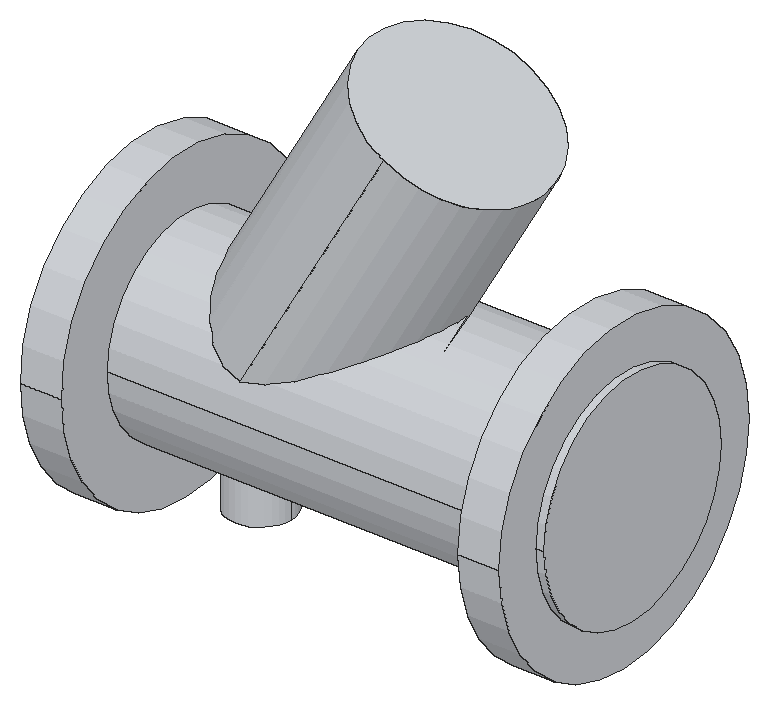
Revit family "HS 821-síto_jemné-PN16-DN100-RFA_2018", category Pipe Accessories, Revit 2018
Family settings
  Round Connector Dimension = Use Diameter
  Part Type = Breaks Into
  Work Plane-Based = No
  Always vertical = Yes
  Cut with Voids When Loaded = No
  Shared = No
Parameters (values of type "821A-DN100-PN16-síto_jemné")
  magiProductId = "c49a648c2747461285837d643703cd"
  magiProductFamilyId = "79214ac3aaa945e397802f559f5c1e"
  magiPartTypeId = 307
  isMeasuringValve [instance] = no
  ang2D [instance] = 0.00°
  ZB__ve = -ZB  # -35 mm
  ZB1 = 63.18 mm
  ZB = 35 mm
  X2 = 114.857 mm
  X1 = 49 mm
  W2D = 15 mm
  VersionID = "2.0/2017.9.26.1/ZETKAMA_821_001"
  Use Minimum Symbol Size [instance] = yes
  URL = "www.hydronix.cz"
  Type Comments = "Filtr přírubový; síto jemné; A-PN16 (-10~300°C); D-PN25 (-10~350°C); F-PN40 (-10~400°C)"
  S = 156 mm
  QmdConnectorList = "301;D;302;D"
  Productdata [instance] = ""
  Manufacturer = "Hydronix"
  MC Product Code = "210 190 (821A; DN100; PN16; kvs206,4; oko síta 0,63mm)"
  LM1 = 28 mm
  LM = 280 mm
  L4 = 87.5 mm
  L2D_Min = 3048 mm
  L2D = 130 mm
  L2 = 175 mm
  HH2 = 198.937 mm
  FD = 220 mm
  Description = "Filtr přírubový; síto jemné; 821A-PN16; 821D-PN25; 821F-PN40"
  DM1 = 131.4 mm
  DM = 140.4 mm
  D = 100 mm
  CC = 5.95 mm
  CAT0 = yes
  C1 = 29.05 mm
  C = 35 mm
  BD = 44.226 mm
Types (40, lengths in mm): name | magiProductId | ZB__ve | ZB1 | ZB | X2 | X1 | S | MC Product Code | LM1 | LM | L4 | L2 | HH2 | FD | DM1 | DM | D | CC | C1 | C | BD
  821A-DN015-PN16-síto_jemné | "a71bcfe8b393460598b23e8ddf7dc5" | -16.25 | 18.63 | 16.25 | 46.982 | 18.2 | 46 | "210 115 (821A; DN015; PN16; kvs6,2; oko síta 0,63mm)" | 10.4 | 104 | 32.5 | 65 | 81.375 | 95 | 27.6 | 41.4 | 15 | 2.21 | 10.79 | 13 | 13.041
  821A-DN020-PN16-síto_jemné | "41cd6c7a12924f4991217528336076" | -17.75 | 22.68 | 17.75 | 51.673 | 21 | 56 | "210 120 (821A; DN020; PN16; kvs9,6; oko síta 0,63mm)" | 12 | 120 | 37.5 | 75 | 89.5 | 105 | 33.6 | 50.4 | 20 | 2.55 | 12.45 | 15 | 15.876
  821A-DN025-PN16-síto_jemné | "be378b463ed14c3abf4c9b3ae8cf3a" | -19.25 | 26.325 | 19.25 | 58.601 | 22.4 | 65 | "210 125 (821A; DN025; PN16; kvs14,2; oko síta 0,63mm)" | 12.8 | 128 | 40 | 80 | 101.5 | 115 | 43.2 | 58.5 | 25 | 2.72 | 13.28 | 16 | 18.427
  821A-DN032-PN16-síto_jemné | "227a0d18b21540afabe8b6067d35fa" | -23 | 30.78 | 23 | 68.849 | 25.2 | 76 | "210 132 (821A; DN032; PN16; kvs23,1; oko síta 0,63mm)" | 14.4 | 144 | 45 | 90 | 119.25 | 140 | 50.4 | 68.4 | 32 | 3.06 | 14.94 | 18 | 21.546
  821A-DN040-PN16-síto_jemné | "d106917c74724141a10440112d0102" | -24.5 | 34.02 | 24.5 | 75.777 | 28 | 84 | "210 140 (821A; DN040; PN16; kvs36,6; oko síta 0,63mm)" | 16 | 160 | 50 | 100 | 131.25 | 150 | 60 | 75.6 | 40 | 3.4 | 16.6 | 20 | 23.814
  821A-DN050-PN16-síto_jemné | "8255d456a09e4f6486734f5dd9171b" | -26.75 | 40.095 | 26.75 | 79.061 | 32.2 | 99 | "210 150 (821A; DN050 PN16; kvs53,7; oko síta 0,63mm)" | 18.4 | 184 | 57.5 | 115 | 136.938 | 165 | 73.8 | 89.1 | 50 | 3.91 | 19.09 | 23 | 28.066
  821A-DN065-PN16-síto_jemné | "235b1b3e4c0843779a4d5e3716d40a" | -29.75 | 47.79 | 29.75 | 86.927 | 40.6 | 118 | "210 165 (821A; DN065; PN16; kvs95,1; oko síta 0,63mm)" | 23.2 | 232 | 72.5 | 145 | 150.562 | 185 | 94.2 | 106.2 | 65 | 4.93 | 24.07 | 29 | 33.453
  821A-DN080-PN16-síto_jemné | "a067f7c5236348ed8c820d16df7214" | -32 | 53.46 | 32 | 104.753 | 43.4 | 132 | "210 180 (821A; DN080; PN16; kvs137,1; oko síta 0,63mm)" | 24.8 | 248 | 77.5 | 155 | 181.438 | 200 | 107.4 | 118.8 | 80 | 5.27 | 25.73 | 31 | 37.422
  821A-DN100-PN16-síto_jemné | "c49a648c2747461285837d643703cd" | -35 | 63.18 | 35 | 114.857 | 49 | 156 | "210 190 (821A; DN100; PN16; kvs206,4; oko síta 0,63mm)" | 28 | 280 | 87.5 | 175 | 198.937 | 220 | 131.4 | 140.4 | 100 | 5.95 | 29.05 | 35 | 44.226
  821A-DN125-PN16-síto_jemné | "bf68e728a163493cbd2a663b26ebdc" | -39.5 | 74.52 | 39.5 | 131.888 | 56 | 184 | "210 191 (821A; DN125; PN16; kvs268,8; oko síta 0,63mm)" | 32 | 320 | 100 | 200 | 228.438 | 250 | 165 | 165.6 | 125 | 6.8 | 33.2 | 40 | 52.164
  821A-DN150-PN16-síto_jemné | "2de770284b654863ae6bc865769dc5" | -44.75 | 85.455 | 44.75 | 155.885 | 67.2 | 211 | "210 192 (821A; DN150; PN16; kvs401,4; oko síta 0,63mm)" | 38.4 | 384 | 120 | 240 | 270 | 285 | 192 | 189.9 | 150 | 8.16 | 39.84 | 48 | 59.818
  821A-DN200-PN16-síto_jemné | "8e5693371ab64aabb29a7f08c76e15" | -53 | 107.73 | 53 | 188.361 | 84 | 266 | "210 193 (821A; DN200; PN16; kvs706,7; oko síta 0,63mm)" | 48 | 480 | 150 | 300 | 326.25 | 340 | 252 | 239.4 | 200 | 10.2 | 49.8 | 60 | 75.411
  821A-DN250-PN16-síto_jemné | "05e37ed948c34047acdd4c42556504" | -62.75 | 129.195 | 62.75 | 255.911 | 102.2 | 319 | "210 194 (821A; DN250; PN16; kvs1229,4; oko síta 0,63mm)" | 58.4 | 584 | 182.5 | 365 | 443.25 | 405 | 309.6 | 287.1 | 250 | 12.41 | 60.59 | 73 | 90.436
  821A-DN300-PN16-síto_jemné | "9ad0af747269428da925480d83ce80" | -71 | 149.85 | 71 | 325.914 | 119 | 370 | "210 195 (821A; DN300; PN16; kvs1902,4; oko síta 0,63mm)" | 68 | 680 | 212.5 | 425 | 564.5 | 460 | 369.6 | 333 | 300 | 14.45 | 70.55 | 85 | 104.895
  821A-DN350-PN16-síto_jemné | "eebc71459bb3451bb4355e7951370a" | -80 | 173.745 | 80 | 356.875 | 137.2 | 429 | "200 196 (821A; DN350; PN16; kvs2611,0; oko síta 0,63mm)" | 78.4 | 784 | 245 | 490 | 618.125 | 520 | 438 | 386.1 | 350 | 16.66 | 81.34 | 98 | 121.621
  821A-DN400-PN16-síto_jemné | "d2f677cb196647e385b2590e7d8abe" | -89 | 194.4 | 89 | 392.237 | 154 | 480 | "210 197 (821A; DN400; PN16; kvs3438,4; oko síta 0,63mm)" | 88 | 880 | 275 | 550 | 679.375 | 580 | 498 | 432 | 400 | 18.7 | 91.3 | 110 | 136.08
  821D-DN015-PN25-síto_jemné | "27ddcbf555414f8ca1fde329bf9087" | -16.25 | 18.63 | 16.25 | 46.982 | 18.2 | 46 | "210 215 (821D; DN015; PN25; kvs6,2; oko síta 0,63mm)" | 10.4 | 104 | 32.5 | 65 | 81.375 | 95 | 27.6 | 41.4 | 15 | 2.21 | 10.79 | 13 | 13.041
  821D-DN020-PN25-síto_jemné | "270e0f14012f47189cd0235c18faee" | -17.75 | 22.68 | 17.75 | 51.673 | 21 | 56 | "210 220 (821D; DN020; PN25; kvs9,6; oko síta 0,63mm)" | 12 | 120 | 37.5 | 75 | 89.5 | 105 | 33.6 | 50.4 | 20 | 2.55 | 12.45 | 15 | 15.876
  821D-DN025-PN25-síto_jemné | "b9a7fb4aa36643878c637d8e1ab992" | -19.25 | 26.325 | 19.25 | 58.601 | 22.4 | 65 | "210 225 (821D; DN025; PN25; kvs14,2; oko síta 0,63mm)" | 12.8 | 128 | 40 | 80 | 101.5 | 115 | 43.2 | 58.5 | 25 | 2.72 | 13.28 | 16 | 18.427
  821D-DN032-PN25-síto_jemné | "6be9a55c4e68400f94eec7e804204c" | -23 | 30.78 | 23 | 68.849 | 25.2 | 76 | "210 232 (821D; DN032; PN25; kvs23,1; oko síta 0,63mm)" | 14.4 | 144 | 45 | 90 | 119.25 | 140 | 50.4 | 68.4 | 32 | 3.06 | 14.94 | 18 | 21.546
  821D-DN040-PN25-síto_jemné | "c54511bd7f584ec2984291479612cb" | -24.5 | 34.02 | 24.5 | 75.777 | 28 | 84 | "210 240 (821D; DN040; PN25; kvs36,6; oko síta 0,63mm)" | 16 | 160 | 50 | 100 | 131.25 | 150 | 60 | 75.6 | 40 | 3.4 | 16.6 | 20 | 23.814
  821D-DN050-PN25-síto_jemné | "5483b1f596b04cd39b23a14a22c90e" | -26.75 | 40.095 | 26.75 | 79.061 | 32.2 | 99 | "210 250 (821D; DN050; PN25; kvs53,7; oko síta 0,63mm)" | 18.4 | 184 | 57.5 | 115 | 136.938 | 165 | 73.8 | 89.1 | 50 | 3.91 | 19.09 | 23 | 28.066
  821D-DN065-PN25-síto_jemné | "767b0f8318e94750bc7a9930ed5b30" | -29.75 | 47.79 | 29.75 | 86.927 | 40.6 | 118 | "210 265 (821D; DN065; PN25; kvs95,1; oko síta 0,63mm)" | 23.2 | 232 | 72.5 | 145 | 150.562 | 185 | 94.2 | 106.2 | 65 | 4.93 | 24.07 | 29 | 33.453
  821D-DN080-PN25-síto_jemné | "e21040fa3cc2404b858198f6b73709" | -32 | 53.46 | 32 | 104.753 | 43.4 | 132 | "210 280 (821D; DN080; PN25; kvs137,1; oko síta 0,63mm)" | 24.8 | 248 | 77.5 | 155 | 181.438 | 200 | 107.4 | 118.8 | 80 | 5.27 | 25.73 | 31 | 37.422
  821D-DN100-PN25-síto_jemné | "175ca87a506b40b3bc6b82f12f33cf" | -37.25 | 63.18 | 37.25 | 114.857 | 49 | 156 | "210 290 (821D; DN100; PN25; kvs206,4; oko síta 0,63mm)" | 28 | 280 | 87.5 | 175 | 198.937 | 235 | 131.4 | 140.4 | 100 | 5.95 | 29.05 | 35 | 44.226
  821D-DN125-PN25-síto_jemné | "77cc98d60da24855999a22dff726b2" | -42.5 | 74.52 | 42.5 | 131.888 | 56 | 184 | "210 291 (821D; DN125; PN25; kvs268,8; oko síta 0,63mm)" | 32 | 320 | 100 | 200 | 228.438 | 270 | 165 | 165.6 | 125 | 6.8 | 33.2 | 40 | 52.164
  821D-DN150-PN25-síto_jemné | "9cf8acfcd15547d68e83172d3abcbe" | -47 | 85.455 | 47 | 155.885 | 67.2 | 211 | "210 292 (821D; DN150; PN25; kvs401,4; oko síta 0,63mm)" | 38.4 | 384 | 120 | 240 | 270 | 300 | 192 | 189.9 | 150 | 8.16 | 39.84 | 48 | 59.818
  821D-DN200-PN25-síto_jemné | "16973f3c9ea14389ba8602495a6b64" | -56 | 110.97 | 56 | 188.361 | 84 | 274 | "210 293 (821D; DN200; PN25; kvs706,7; oko síta 0,63mm)" | 48 | 480 | 150 | 300 | 326.25 | 360 | 252 | 246.6 | 200 | 10.2 | 49.8 | 60 | 77.679
  821F-DN015-PN40-síto_jemné | "4c7eaf3c4c0340888b3e684d8a8616" | -16.25 | 18.225 | 16.25 | 46.982 | 18.2 | 45 | "250 615 (821F; DN015; PN40; kvs6,2; oko síta 0,63mm)" | 10.4 | 104 | 32.5 | 65 | 81.375 | 95 | 27.6 | 40.5 | 15 | 2.21 | 10.79 | 13 | 12.757
  821F-DN020-PN40-síto_jemné | "aaac5f1ec96b44d6ba96ac2293d66d" | -17.75 | 23.49 | 17.75 | 51.673 | 21 | 58 | "250 620 (821F; DN020; PN40; kvs9,6; oko síta 0,63mm)" | 12 | 120 | 37.5 | 75 | 89.5 | 105 | 33.6 | 52.2 | 20 | 2.55 | 12.45 | 15 | 16.443
  821F-DN025-PN40-síto_jemné | "504768023968471481789485b54c7e" | -19.25 | 27.54 | 19.25 | 58.601 | 22.4 | 68 | "250 625 (821F; DN025; PN40; kvs14,2; oko síta 0,63mm)" | 12.8 | 128 | 40 | 80 | 101.5 | 115 | 43.2 | 61.2 | 25 | 2.72 | 13.28 | 16 | 19.278
  821F-DN032-PN40-síto_jemné | "165e7f39cf744f329bdf1c400dad12" | -23 | 31.59 | 23 | 68.849 | 25.2 | 78 | "250 632 (821F; DN032; PN40; kvs23,1; oko síta 0,63mm)" | 14.4 | 144 | 45 | 90 | 119.25 | 140 | 50.4 | 70.2 | 32 | 3.06 | 14.94 | 18 | 22.113
  821F-DN040-PN40-síto_jemné | "b8903f952089408fbf3a5a632bab1f" | -24.5 | 35.64 | 24.5 | 75.777 | 28 | 88 | "250 640 (821F; DN040; PN40; kvs36,6; oko síta 0,63mm)" | 16 | 160 | 50 | 100 | 131.25 | 150 | 60 | 79.2 | 40 | 3.4 | 16.6 | 20 | 24.948
  821F-DN050-PN40-síto_jemné | "c451f97266fe48da8f879cb6a2bd44" | -26.75 | 41.31 | 26.75 | 79.061 | 32.2 | 102 | "250 650 (821F; DN050; PN40; kvs53,7; oko síta 0,63mm)" | 18.4 | 184 | 57.5 | 115 | 136.938 | 165 | 73.8 | 91.8 | 50 | 3.91 | 19.09 | 23 | 28.917
  821F-DN065-PN40-síto_jemné | "dc9821e3f9b34e128f6a8c6b34c198" | -29.75 | 49.41 | 29.75 | 86.927 | 40.6 | 122 | "250 665 (821F; DN065; PN40; kvs95,1; oko síta 0,63mm)" | 23.2 | 232 | 72.5 | 145 | 150.562 | 185 | 94.2 | 109.8 | 65 | 4.93 | 24.07 | 29 | 34.587
  821F-DN080-PN40-síto_jemné | "689aa1e260f84cf4994f027a1d86b5" | -32 | 55.89 | 32 | 104.753 | 43.4 | 138 | "250 680 (821F; DN080; PN40; kvs137,1; oko síta 0,63mm)" | 24.8 | 248 | 77.5 | 155 | 181.438 | 200 | 107.4 | 124.2 | 80 | 5.27 | 25.73 | 31 | 39.123
  821F-DN100-PN40-síto_jemné | "8a45d4e8e2ab425f8c432f21d684f3" | -37.25 | 65.61 | 37.25 | 114.857 | 49 | 162 | "250 690 (821F; DN100; PN40; kvs206,4; oko síta 0,63mm)" | 28 | 280 | 87.5 | 175 | 198.937 | 235 | 131.4 | 145.8 | 100 | 5.95 | 29.05 | 35 | 45.927
  821F-DN125-PN40-síto_jemné | "cf073904c006406b8645afa67ea2fc" | -42.5 | 76.14 | 42.5 | 131.888 | 56 | 188 | "250 691 (821F; DN125; PN40; kvs268,8; oko síta 0,63mm)" | 32 | 320 | 100 | 200 | 228.438 | 270 | 165 | 169.2 | 125 | 6.8 | 33.2 | 40 | 53.298
  821F-DN150-PN40-síto_jemné | "0153b9ddabe14992a630484929fdbc" | -47 | 88.29 | 47 | 155.885 | 67.2 | 218 | "250 692 (821F; DN150; PN40; kvs401,4; oko síta 0,63mm)" | 38.4 | 384 | 120 | 240 | 270 | 300 | 192 | 196.2 | 150 | 8.16 | 39.84 | 48 | 61.803
  821F-DN200-PN40-síto_jemné | "7fb3fc01dd8d42428c203e3f8dd4d5" | -56 | 115.425 | 56 | 188.361 | 84 | 285 | "250 693 (821F; DN200; PN40; kvs706,7; oko síta 0,63mm)" | 48 | 480 | 150 | 300 | 326.25 | 360 | 252 | 256.5 | 200 | 10.2 | 49.8 | 60 | 80.797
Reference planes
  plane 1 "Center (Front/Back)": y = 0
  plane 2 "XYPLANE": z = 0
  plane 3 "Center (Left/Right)": x = 0
  plane 4 "109": x = -112
  plane 5 "108": x = 140
  plane 6 "107": x = -140
  plane 7 "105": x = 175
  plane 8 "104": x = -175
  plane 9 "103": y = 0
  plane 10 "102": z = 0
  plane 11 "101": x = -169.05
  plane 12 "100": x = 169.05
  plane 13 "11": x = -63
  plane 14 "10": z = 198.937
  plane 15 "9": x = 51.857
  plane 16 "5": z = -63.18
  plane 17 "4": x = -87.5
  plane 18 "1": x = 87.5
Forms (mm)
  Extrusion 1, solid, visible <- "CAT0"
    sketch origin (-140, -750, 0) x (0, 1, 0) y (0, 0, 1)
      loop
        circle (750, 0) r 70.2
    from 0 to 280 <- "LM"
  Extrusion 2, solid
    sketch origin (-175, -750, 0) x (0, 1, 0) y (0, 0, 1)
      loop
        circle (750, 0) r 78
    from 0 to 5.95 <- "CC"
  Extrusion 3, solid
    sketch origin (-169.05, -750, 0) x (0, 1, 0) y (0, 0, 1)
      loop
        circle (750, 0) r 110
    from 0 to 29.05 <- "C1"
  Extrusion 4, solid
    sketch origin (140, -750, 0) x (0, 1, 0) y (0, 0, 1)
      loop
        circle (750, 0) r 110
    from 0 to 29.05 <- "C1"
  Extrusion 5, solid
    sketch origin (169.05, -750, 0) x (0, 1, 0) y (0, 0, 1)
      loop
        circle (750, 0) r 78
    from 0 to 5.95 <- "CC"
  Sweep 6, solid, visible <- "CAT0"
    path origin (750, 0, 0) x (-1, 0, 0) y (0, 0, 1)
      loop
        line (890, 0) -> (813, 0) -> (698.143, 198.937)
    profile origin (-140, 0, 0) x (0, 0, -1) y (0, 1, 0)
      loop
        circle (0, 0) r 65.7
  Extrusion 7, solid, visible <- "CAT0"
    sketch origin (-750, 0, -63.18) x (1, 0, 0) y (0, 1, 0)
      loop
        circle (662.5, 0) r 22.113
    from 0 to -35 <- "ZB__ve"
  Extrusion 8, solid, visible <- "CAT0"
    sketch origin (-750, 0, -63.18) x (1, 0, 0) y (0, 1, 0)
      loop
        circle (837.5, 0) r 22.113
    from 0 to -35 <- "ZB__ve"
  Extrusion 9, solid, not visible
    sketch origin (175, -750, 0) x (0, 1, 0) y (0, 0, 1)
      loop
        circle (750, 0) r 10
    from 0 to -10
  Extrusion 10, solid, not visible
    sketch origin (-175, -750, 0) x (0, 1, 0) y (0, 0, 1)
      loop
        circle (750, 0) r 10
    from 0 to 10
Lines and regions (mm)
  reference lines, not visible
    curve 1: circle (2, 2, 0) r 1 normal (0, 0, 1)
Dimensions and locks
  plane 1 "Center (Front/Back)" to curve 1 = 2 mm
  "LM1": plane 6 "107" to plane 4 "109"
  "LM": plane 6 "107" to plane 5 "108"
  "C": plane 8 "104" to plane 6 "107"
  "L2": plane 3 "Center (Left/Right)" to plane 7 "105"
  "L2": plane 3 "Center (Left/Right)" to plane 8 "104"
  locked: plane 1 "Center (Front/Back)" to plane 9 "103"
  locked: plane 2 "XYPLANE" to plane 10 "102"
  "CC": plane 8 "104" to plane 11 "101"
  "C1": plane 5 "108" to plane 12 "100"
  "X1": plane 4 "109" to plane 13 "11"
  "HH2": plane 2 "XYPLANE" to plane 14 "10"
  "X2": plane 13 "11" to plane 15 "9"
  "ZB1": plane 2 "XYPLANE" to plane 16 "5"
  "L4": plane 8 "104" to plane 17 "4"
  "L2": plane 17 "4" to plane 18 "1"
  Sweep 6 sketch curve to Sweep 6 sketch curve = 0 mm  (x2)
  "DM": diameter of Extrusion 1 sketch curve
  "S": diameter of Extrusion 2 sketch curve
  "FD": diameter of Extrusion 3 sketch curve
  "FD": diameter of Extrusion 4 sketch curve
  "S": diameter of Extrusion 5 sketch curve
  "DM1": diameter of Sweep 6 sketch curve
  "BD": diameter of Extrusion 7 sketch curve
  "BD": diameter of Extrusion 8 sketch curve
  aligned and locked: level to plane 2 "XYPLANE"
  aligned and locked: Extrusion 1 sketch curve to plane 9 "103"
  aligned and locked: plane 10 "102" to Extrusion 1 sketch curve
  aligned and locked: Extrusion 2 sketch curve to plane 9 "103"
  aligned and locked: plane 10 "102" to Extrusion 2 sketch curve
  aligned and locked: Extrusion 3 sketch curve to plane 9 "103"
  aligned and locked: plane 10 "102" to Extrusion 3 sketch curve
  aligned and locked: Extrusion 4 sketch curve to plane 9 "103"
  aligned and locked: plane 10 "102" to Extrusion 4 sketch curve
  aligned and locked: Extrusion 5 sketch curve to plane 9 "103"
  aligned and locked: plane 10 "102" to Extrusion 5 sketch curve
  aligned and locked: Sweep 6 sketch curve to plane 9 "103"
  aligned and locked: plane 10 "102" to Sweep 6 sketch curve  (x3)
  aligned and locked: plane 6 "107" to Sweep 6 sketch curve
  aligned and locked: plane 13 "11" to Sweep 6 sketch curve
  aligned and locked: plane 14 "10" to Sweep 6 sketch curve
  aligned and locked: plane 15 "9" to Sweep 6 sketch curve
  aligned and locked: plane 9 "103" to Extrusion 7 sketch curve
  aligned and locked: plane 17 "4" to Extrusion 7 sketch curve
  aligned and locked: plane 9 "103" to Extrusion 8 sketch curve
  aligned and locked: plane 18 "1" to Extrusion 8 sketch curve
  aligned and locked: Extrusion 9 sketch curve to plane 9 "103"
  aligned and locked: plane 10 "102" to Extrusion 9 sketch curve
  aligned and locked: Extrusion 10 sketch curve to plane 9 "103"
  aligned and locked: plane 10 "102" to Extrusion 10 sketch curve
Automatic sketch dimensions
  plane 1 "Center (Front/Back)" to Extrusion 9 sketch curve = 10 mm
  plane 1 "Center (Front/Back)" to Extrusion 10 sketch curve = 10 mm
  plane 3 "Center (Left/Right)" to curve 1 = 2 mm
  radius of curve 1 = 1 mm
Connectors
  piping at (-175, 0, 0), diameter 100, driven by "D"
    settings: on Extrusion 10, index 1, connector inside diameter 609.6 mm, connector length 0 mm, flow factor 0, pipe flow 0.0 L/s, pressure drop 0.0 Pa, fitting loss kfactor 0, connector angle 0.00°, fixture units 0, engagement length 0 mm, angle of deflection 0.00°, flow configuration 0, flow direction 0, fitting loss method 0, system type 29, joint type 0, gender type 0, connector reference index 2, connector utility 0, adjustable connector no, is connector primary yes, connector description ""
  piping at (175, 0, 0), diameter 100, driven by "D"
    settings: on Extrusion 9, index 2, connector inside diameter 609.6 mm, connector length 0 mm, flow factor 0, pipe flow 0.0 L/s, pressure drop 0.0 Pa, fitting loss kfactor 0, connector angle 0.00°, fixture units 0, engagement length 0 mm, angle of deflection 0.00°, flow configuration 0, flow direction 0, fitting loss method 0, system type 29, joint type 0, gender type 0, connector reference index 1, connector utility 0, adjustable connector no, is connector primary no, connector description ""
